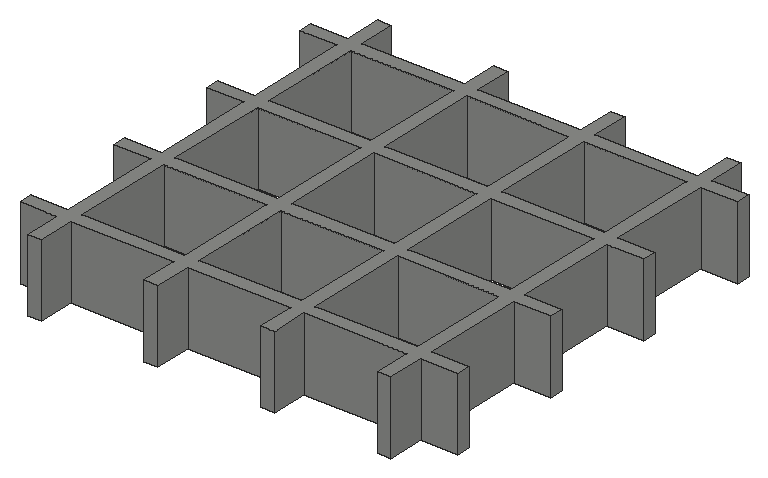
Revit family "Waffle Grid 001", category Generic Models, Revit 2021
Family settings
  Can host rebar = No
  Round Connector Dimension = Use Diameter
  Part Type = Normal
  Work Plane-Based = No
  Always vertical = Yes
  Cut with Voids When Loaded = No
  Shared = No
  Room Calculation Point = No
Parameters
  Waffle Thickness = 0' - 4"
  URL = "https://www.csiposhfelt.com/products/waffle-grid-001"
  Model = "Waffle Grid 001"
  Manufacturer = "CSI PoshFelt"
  Default Elevation = 0' - 0"
  Core Material = PSH002
Reference planes (in)
  plane 1 "Center (Front/Back)": y = 0
  plane 2: z = 0
  plane 3 "Center (Left/Right)": x = 0
Forms (in)
  Extrusion 1, solid, material "PSH002" <- "Core Material"
    sketch origin (0, 0, 0) x (1, 0, 0) y (0, 1, 0)
      loop
        line (-12, 9.225) -> (-9.975, 9.225) -> (-9.975, 3.575) -> (-12, 3.575) -> (-12, 2.825) -> (-9.975, 2.825) -> (-9.975, -2.825) -> (-12, -2.825) -> (-12, -3.575) -> (-9.975, -3.575) -> (-9.975, -9.225) -> (-12, -9.225) -> (-12, -9.975) -> (-9.975, -9.975) -> (-9.975, -12) -> (-9.225, -12) -> (-9.225, -9.975) -> (-3.575, -9.975) -> (-3.575, -12) -> (-2.825, -12) -> (-2.825, -9.975) -> (2.825, -9.975) -> (2.825, -12) -> (3.575, -12) -> (3.575, -9.975) -> (9.225, -9.975) -> (9.225, -12) -> (9.975, -12) -> (9.975, -9.975) -> (12, -9.975) -> (12, -9.225) -> (9.975, -9.225) -> (9.975, -3.575) -> (12, -3.575) -> (12, -2.825) -> (9.975, -2.825) -> (9.975, 2.825) -> (12, 2.825) -> (12, 3.575) -> (9.975, 3.575) -> (9.975, 9.225) -> (12, 9.225) -> (12, 9.975) -> (9.975, 9.975) -> (9.975, 12) -> (9.225, 12) -> (9.225, 9.975) -> (3.575, 9.975) -> (3.575, 12) -> (2.825, 12) -> (2.825, 9.975) -> (-2.825, 9.975) -> (-2.825, 12) -> (-3.575, 12) -> (-3.575, 9.975) -> (-9.225, 9.975) -> (-9.225, 12) -> (-9.975, 12) -> (-9.975, 9.975) -> (-12, 9.975) -> (-12, 9.225)
      loop
        line (-9.225, 9.225) -> (-9.225, 3.575) -> (-3.575, 3.575) -> (-3.575, 9.225) -> (-9.225, 9.225)
      loop
        line (-2.825, 9.225) -> (-2.825, 3.575) -> (2.825, 3.575) -> (2.825, 9.225) -> (-2.825, 9.225)
      loop
        line (3.575, 9.225) -> (3.575, 3.575) -> (9.225, 3.575) -> (9.225, 9.225) -> (3.575, 9.225)
      loop
        line (3.575, 2.825) -> (3.575, -2.825) -> (9.225, -2.825) -> (9.225, 2.825) -> (3.575, 2.825)
      loop
        line (-2.825, 2.825) -> (-2.825, -2.825) -> (2.825, -2.825) -> (2.825, 2.825) -> (-2.825, 2.825)
      loop
        line (-9.225, 2.825) -> (-9.225, -2.825) -> (-3.575, -2.825) -> (-3.575, 2.825) -> (-9.225, 2.825)
      loop
        line (-9.225, -3.575) -> (-9.225, -9.225) -> (-3.575, -9.225) -> (-3.575, -3.575) -> (-9.225, -3.575)
      loop
        line (-2.825, -3.575) -> (-2.825, -9.225) -> (2.825, -9.225) -> (2.825, -3.575) -> (-2.825, -3.575)
      loop
        line (3.575, -3.575) -> (3.575, -9.225) -> (9.225, -9.225) -> (9.225, -3.575) -> (3.575, -3.575)
    from 0 to 4
Lines and regions (in)
  reference lines
    curve 1: line (-12, 12, 0) -> (12, 12, 0)
    curve 2: line (12, 12, 0) -> (12, -12, 0)
    curve 3: line (12, -12, 0) -> (-12, -12, 0)
    curve 4: line (-12, -12, 0) -> (-12, 12, 0)
    curve 5: line (-12, 3.2, 0) -> (12, 3.2, 0)
    curve 6: line (-12, -3.2, 0) -> (12, -3.2, 0)
    curve 7: line (-12, -9.6, 0) -> (12, -9.6, 0)
    curve 8: line (-12, 9.6, 0) -> (12, 9.6, 0)
    curve 9: line (-9.6, -12, 0) -> (-9.6, 12, 0)
    curve 10: line (-3.2, -12, 0) -> (-3.2, 12, 0)
    curve 11: line (3.2, -12, 0) -> (3.2, 12, 0)
    curve 12: line (9.6, -12, 0) -> (9.6, 12, 0)
    curve 13: line (-15.75, 0, 4) -> (15.75, 0, 4)
Dimensions and locks (in)
  "Waffle Thickness": curve 13 to plane 2
  aligned and locked: plane 2 to level
  aligned and locked: Extrusion 1 to plane 2
  aligned and locked: Extrusion 1 to curve 13
Automatic sketch dimensions
  curve 1 to plane 3 "Center (Left/Right)" = 1' - 0"
  plane 3 "Center (Left/Right)" to curve 1 = 1' - 0"
  plane 1 "Center (Front/Back)" to curve 2 = 1' - 0"
  curve 1 to plane 1 "Center (Front/Back)" = 1' - 0"
  curve 1 to curve 9 = 0' - 2.4"
  curve 10 to plane 3 "Center (Left/Right)" = 0' - 3.2"
  plane 3 "Center (Left/Right)" to curve 11 = 0' - 3.2"
  curve 12 to curve 2 = 0' - 2.4"
  curve 2 to curve 7 = 0' - 2.4"
  plane 1 "Center (Front/Back)" to curve 6 = 0' - 3.2"
  curve 5 to plane 1 "Center (Front/Back)" = 0' - 3.2"
  curve 8 to curve 1 = 0' - 2.4"
  Extrusion 1 sketch curve to plane 3 "Center (Left/Right)" = 1' - 0"
  Extrusion 1 sketch curve to Extrusion 1 sketch curve = 0' - 0"  (x36)
  Extrusion 1 sketch curve to Extrusion 1 sketch curve = 0' - 2.025"  (x14)
  Extrusion 1 sketch curve to Extrusion 1 sketch curve = 0' - 0 3/4"  (x31)
  Extrusion 1 sketch curve to plane 3 "Center (Left/Right)" = 0' - 3.575"  (x2)
  plane 3 "Center (Left/Right)" to Extrusion 1 sketch curve = 0' - 2.825"  (x2)
  Extrusion 1 sketch curve to Extrusion 1 sketch curve = 0' - 5.65"  (x6)
  Extrusion 1 sketch curve to plane 1 "Center (Front/Back)" = 0' - 2.825"  (x2)
  plane 1 "Center (Front/Back)" to Extrusion 1 sketch curve = 0' - 2.825"  (x2)
  curve 13 to plane 3 "Center (Left/Right)" = 1' - 3 3/4"
  plane 3 "Center (Left/Right)" to curve 13 = 1' - 3 3/4"
